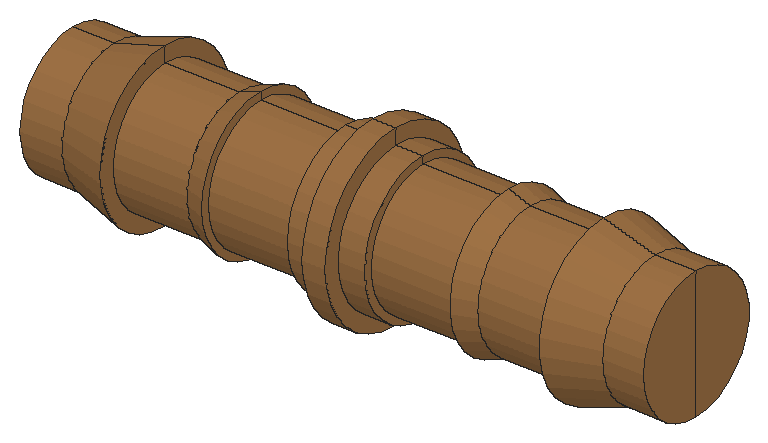
Revit family "XFF-COUP", category Conexões de tubo, Revit 2020
Family settings
  Cota do conector redondo = Utilizar diâmetro
  Tipo de parte = União
  Com base no plano de trabalho = Não
  Sempre na vertical = Sim
  Corte com vazios quando carregada = Não
  Compartilhado = Não
Parameters (values of type "XFF-COUP")
  y = 8.5 mm
  Y2 = 42.5 mm
  DTT5 = 26.25 mm
  DTT4 = 1 mm
  DTT3 = 10 mm
  DTT2 = 2 mm
  DTT1 = 3 mm
  DN2 [instance] = 16.1 mm
  URL = "www.rainbird.com"
  SupportProjetos: Review Date = ""  # constant formula
  SupportProjetos: Review = "R00"  # constant formula
  SupportProjetos: Level of Detail = "LOD 300"  # constant formula
  SupportProjetos: Developed = "MICHEL SOARES MOTA"  # constant formula
  SupportProjetos: Creation Date = "07/10/2020"  # constant formula
  RainBird: Product Link = "www.rainbird.com"
  RainBird: Description = "XFF-COUP: 17mm Barb x Barb Coupling"
  RainBird: Comment = ""
  RainBird: Code = ""
  Modelo = "XFF-COUP"
  Type Image = (empty or 0)
  Default Elevation = 0 mm
  DN1 [instance] = 16.1 mm
  Type Comments = RainBird: Comment  # ""
  PVC = PVC - Franklin Electric - Preto
Reference planes
  plane 1 "Centro (Frente/Trás)": y = 0
  plane 2: z = 0
  plane 3 "Centro (Esquerda/Direita)": x = 0
  plane 4: x = 42.5
Forms (mm)
  Revolve 1, solid, material "PVC - Franklin Electric - Preto" <- "PVC"
    sketch origin (0, 0, 0) x (1, 0, 0) y (0, 0, 1)
      loop
        line (-5, 9.5) -> (-5, 8.5) -> (-16.125, 8.5) -> (-16.125, 9.5) -> (-18.914, 8.5) -> (-28.541, 8.5) -> (-28.541, 10.519) -> (-35.145, 8.5) -> (-40.541, 8.5) -> (-40.541, 0) -> (40.541, 0) -> (40.541, 8.5) -> (35.145, 8.5) -> (28.541, 10.519) -> (28.541, 8.5) -> (18.914, 8.5) -> (16.125, 9.5) -> (16.125, 8.5) -> (5, 8.5) -> (5, 9.5) -> (1.5, 9.5) -> (1.5, 11.5) -> (-1.5, 11.5) -> (-1.5, 9.5) -> (-5, 9.5)
      axis (-40.541, 0) -> (40.541, 0)
    angle from 0 to 360
Dimensions and locks
  "Y2": plane 4 to plane 3 "Centro (Esquerda/Direita)"
  aligned and locked: level to plane 2
  aligned and locked: Revolve 1 sketch curve to Revolve 1 sketch curve  (x3)
Automatic sketch dimensions
  Revolve 1 sketch curve to level = 0 mm  (x2)
  level to Revolve 1 sketch curve = 8.5 mm  (x3)
  Revolve 1 sketch curve to plane 3 "Centro (Esquerda/Direita)" = 40.541 mm
  Revolve 1 sketch curve to Revolve 1 sketch curve = 5.396 mm
  Revolve 1 sketch curve to Revolve 1 sketch curve = 6.604 mm  (x2)
  Revolve 1 sketch curve to Revolve 1 sketch curve = 9.627 mm  (x2)
  Revolve 1 sketch curve to Revolve 1 sketch curve = 2.789 mm  (x2)
  Revolve 1 sketch curve to plane 3 "Centro (Esquerda/Direita)" = 5 mm
  Revolve 1 sketch curve to plane 3 "Centro (Esquerda/Direita)" = 1.5 mm
  plane 3 "Centro (Esquerda/Direita)" to Revolve 1 sketch curve = 1.5 mm
  Revolve 1 sketch curve to Revolve 1 sketch curve = 3.5 mm
  Revolve 1 sketch curve to Revolve 1 sketch curve = 11.125 mm
  plane 4 to Revolve 1 sketch curve = 1.959 mm
  Revolve 1 sketch curve to Revolve 1 sketch curve = 0 mm  (x2)
  Revolve 1 sketch curve to Revolve 1 sketch curve = 1 mm  (x2)
  Revolve 1 sketch curve to Revolve 1 sketch curve = 2.019 mm  (x2)
  Revolve 1 sketch curve to Revolve 1 sketch curve = 2 mm
  Revolve 1 sketch curve to Revolve 1 sketch curve = 11.959 mm
  Revolve 1 sketch curve to plane 4 = 16.576 mm
Connectors
  piping at (5, 0, 0), diameter 16.1, driven by "DN1"
    settings: on Revolve 1, index 1, connector inside diameter 609.6 mm, connector length 0 mm, flow factor 0, pipe flow 0.0 L/s, pressure drop 0.0 Pa, fitting loss kfactor 0, connector angle 0.00°, fixture units 0, engagement length 0 mm, angle of deflection 0.00°, flow configuration 0, flow direction 0, fitting loss method 0, system type 7, joint type 0, gender type 0, connector reference index 2, connector utility 0, adjustable connector no, is connector primary yes, connector description ""
  piping at (-5, 0, 0), diameter 16.1, driven by "DN2"
    settings: on Revolve 1, index 2, connector inside diameter 609.6 mm, connector length 0 mm, flow factor 0, pipe flow 0.0 L/s, pressure drop 0.0 Pa, fitting loss kfactor 0, connector angle 0.00°, fixture units 0, engagement length 0 mm, angle of deflection 0.00°, flow configuration 0, flow direction 0, fitting loss method 0, system type 7, joint type 0, gender type 0, connector reference index 1, connector utility 0, adjustable connector no, is connector primary no, connector description ""
